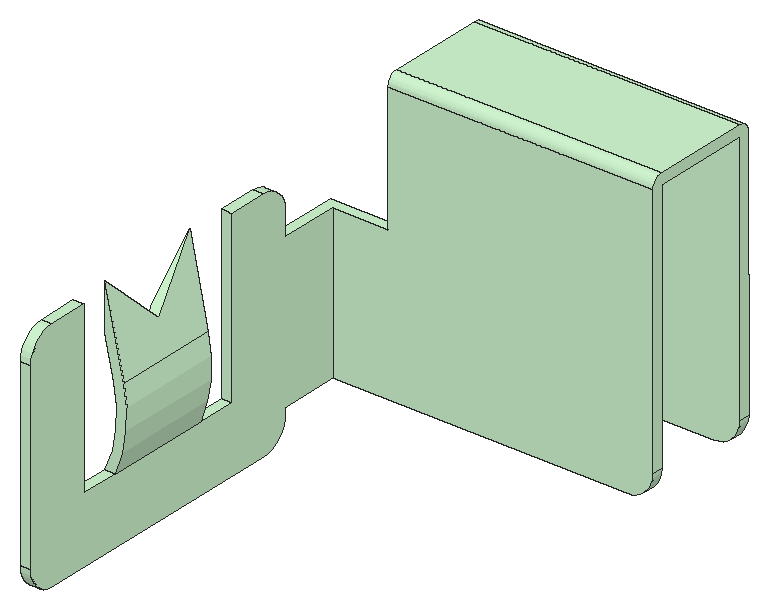
Revit family "tenkenkot_left", category 機械設備, Revit 2022
Family settings
  丸型コネクタ寸法 = 直径を使用
  種別 = なし
  パーツ タイプ = 標準
  作業面ベース = いいえ
  常に垂直 = はい
  ロード時にボイドで切り取り = いいえ
  注釈の向きを維持 = いいえ
  共有 = いいえ
  部屋計算ポイント = いいえ
Parameters
  製造元 = "株式会社桐井製作所"
  既定の高さ = 0 mm
  URL = "https://www.kirii.co.jp/"
  K_材質 = "溶融亜鉛めっき鋼板及び鋼帯 SGCC 一般用"
  K_品名 = "点検口T+アクセス左"
  K_名称 = "点検口金具"
  K_入数 = "1500"
  K_バージョン情報 = "20220915"
  K_めっき付着量 = "Z12"
  K_JIS規格 = "JIS G 3302"
Reference planes
  plane 1 "中心(正面/背面)": y = 0
  plane 2: z = 0
  plane 3 "中心(左/右)": x = 0
Forms (mm)
  Extrusion 1, void
    sketch origin (0, -8, 0) x (1, 0, 0) y (0, 0, 1)
      loop
        line (25, 2.5) -> (25, 4.5)
        arc (25, 4.5) -> (24.414, 3.086) -> (23, 2.5) r 2
        line (23, 2.5) -> (25, 2.5)
    from -4.9 to -4.1
  Extrusion 2, void
    sketch origin (0, 0.2, 0) x (1, 0, 0) y (0, 0, 1)
      loop
        line (25, 2.5) -> (25, 4.5)
        arc (25, 4.5) -> (24.414, 3.086) -> (23, 2.5) r 2
        line (23, 2.5) -> (25, 2.5)
    from -4.9 to -4.1
  Extrusion 3, solid
    sketch origin (-0.18, 0.4, 0) x (1, 0, 0) y (0, 0, 1)
      loop
        line (0.98, 17.8) -> (0.18, 17.8) -> (0.18, 0) -> (0.98, 0) -> (0.98, 17.8)
    from 4.3 to 32.8
  Extrusion 4, void
    sketch origin (0, 0.4, 0) x (0, -1, 0) y (0, 0, -1)
      loop
        line (13.8, -17.8) -> (27.8, -17.8) -> (27.8, -5) -> (13.8, -5) -> (13.8, -17.8)
    from 0 to 0.8
  Extrusion 5, solid
    sketch origin (-0.876, 0.4, 0) x (1, 0, 0) y (0, 0, -1)
      loop
        arc (0.876, -5) -> (1.725, -8.02) -> (1.533, -11.151) r 9.4
        line (1.533, -11.151) -> (0.876, -14.247) -> (0.876, -17.8) -> (2.258, -11.287)
        arc (2.258, -11.287) -> (2.476, -8.097) -> (1.676, -5) r 10
        line (1.676, -5) -> (0.876, -5)
    from -24.8 to -16.8
  Extrusion 6, void
    sketch origin (-0.876, 0.4, 0) x (0, -1, 0) y (0, 0, -1)
      loop
        line (24.8, -17.8) -> (20.8, -13.8) -> (16.8, -17.8) -> (24.8, -17.8)
    from 0.695 to 1.797
  Extrusion 7, void
    sketch origin (0, 0.4, 0) x (0, -1, 0) y (0, 0, -1)
      loop
        arc (10.8, -17.8) -> (9.386, -17.214) -> (8.8, -15.8) r 2
        line (8.8, -15.8) -> (8.8, -14) -> (4.3, -14) -> (4.3, -17.8) -> (10.8, -17.8)
      loop
        arc (8.864, -2.5) -> (9.219, -0.775) -> (10.8, 0) r 2
        line (10.8, 0) -> (4.3, 0) -> (4.3, -2.5) -> (8.864, -2.5)
      loop
        line (32.8, -17.8) -> (32.8, -15.8)
        arc (32.8, -15.8) -> (32.214, -17.214) -> (30.8, -17.8) r 2
        line (30.8, -17.8) -> (32.8, -17.8)
      loop
        arc (30.8, 0) -> (32.214, -0.586) -> (32.8, -2) r 2
        line (32.8, -2) -> (32.8, 0) -> (30.8, 0)
    from 0 to 0.8
  Extrusion 8, solid
    sketch origin (0, 0.8, 0) x (0, 1, 0) y (0, 0, -1)
      loop
        line (3.5, -2.5) -> (3.5, -23.7) -> (-3.9, -23.7) -> (-3.9, -2.5) -> (-4.7, -2.5) -> (-4.7, -23.7)
        arc (-4.7, -23.7) -> (-4.466, -24.266) -> (-3.9, -24.5) r 0.8
        line (-3.9, -24.5) -> (3.5, -24.5)
        arc (3.5, -24.5) -> (4.066, -24.266) -> (4.3, -23.7) r 0.8
        line (4.3, -23.7) -> (4.3, -2.5) -> (3.5, -2.5)
    from -25 to -5
  Extrusion 9, solid
    sketch origin (0, 0, 0) x (1, 0, 0) y (0, 0, 1)
      loop
        line (0, 14) -> (0, 2.5) -> (5, 2.5) -> (5, 14) -> (0, 14)
    from 3.1 to 3.9
Cuts and joins
  Extrusion 4, Extrusion 7 cuts Extrusion 3
  Extrusion 6 cuts Extrusion 5
  Extrusion 1, Extrusion 2 cuts Extrusion 8
  joined: Extrusion 3, Extrusion 5, Extrusion 8, Extrusion 9
Dimensions and locks
  aligned and locked: level to plane 2
